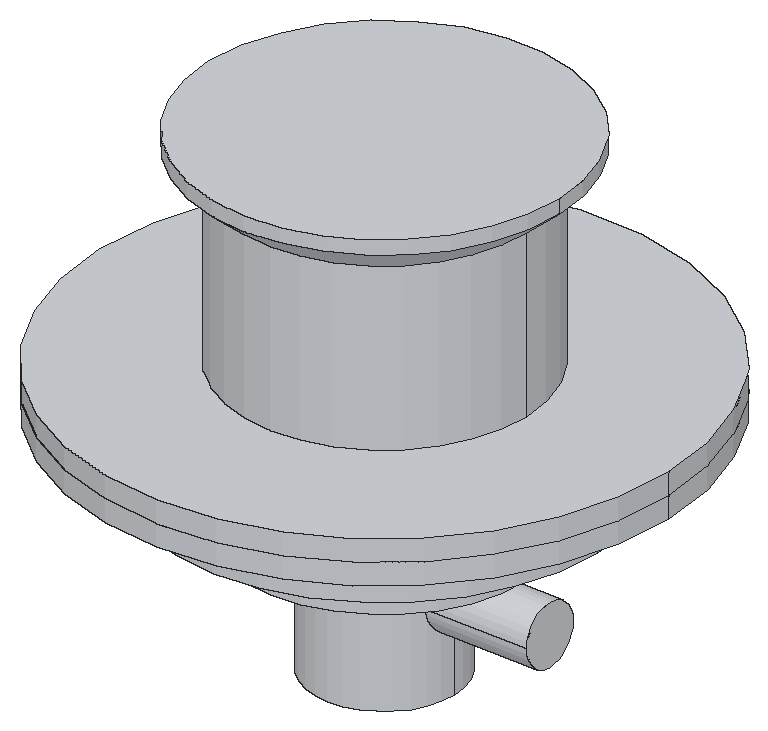
Revit family "Floor Drain - Round", category Plumbing Fixtures, host Face, Revit 2027
Family settings
  Host = Face
  Round Connector Dimension = Use Radius
  Part Type = Normal
  Classification Number = 23.45.55.21
  Enable Cutting in Views = No
  Cut with Voids When Loaded = No
  Maintain Annotation Orientation = No
  Shared = No
  Room Calculation Point = No
Parameters (values of type "5" Strainer - 2" Drain")
  WFU = 2
  Strainer Height = 0' - 3 1/4"
  Strainer Radius = 0' - 2 1/2"
  Strainer Diameter = 2 * Strainer Radius  # 0' - 5"
  Radius 6 = Strainer Radius / 4  # 0' - 0 5/8"
  Radius 5 = Strainer Radius / 4 * 2  # 0' - 1 1/4"
  Radius 4 = Strainer Radius / 4 * 3  # 0' - 1 7/8"
  Radius 2 = (Body Radius - Pipe Radius) / 3 * 2 + Pipe Radius  # 0' - 3.04167"
  Radius 1 = (Body Radius - Pipe Radius) / 3 + Pipe Radius  # 0' - 2.02083"
  Radius 3 = 0.5 * Body Radius  # 0' - 2 1/32"
  Pipe Radius = 1"
  Pipe Diameter = 2 * Pipe Radius  # 2"
  Height 2 = 0.2 * Body Height  # 0' - 0.725"
  Height 1 = 0.5 * Body Height  # 0' - 1 13/16"
  HWFU = 0
  Drain Material = none
  Default Elevation = 0' - 0"
  CWFU = 0
  Body Radius = 0' - 4 1/16"
  Body Height = 0' - 3 5/8"
  Body Diameter = 2 * Body Radius  # 0' - 8 1/8"
Types (15): name | WFU | Strainer Height | Strainer Radius | Strainer Diameter | Radius 6 | Radius 5 | Radius 4 | Radius 2 | Radius 1 | Pipe Radius | Pipe Diameter
  5" Strainer - 2" Drain | 2 | 0' - 3 1/4" | 0' - 2 1/2" | 0' - 5" | 0' - 0 5/8" | 0' - 1 1/4" | 0' - 1 7/8" | 0' - 3.04167" | 0' - 2.02083" | 1" | 2"
  5" Strainer - 3" Drain | 3 | 0' - 3 1/4" | 0' - 2 1/2" | 0' - 5" | 0' - 0 5/8" | 0' - 1 1/4" | 0' - 1 7/8" | 0' - 3.20833" | 0' - 2.35417" | 1 1/2" | 3"
  5" Strainer - 4" Drain | 4 | 0' - 3 1/4" | 0' - 2 1/2" | 0' - 5" | 0' - 0 5/8" | 0' - 1 1/4" | 0' - 1 7/8" | 0' - 3 3/8" | 0' - 2 11/16" | 2" | 4"
  6" Strainer - 2" Drain | 2 | 0' - 3 3/8" | 0' - 3" | 0' - 6" | 0' - 0 3/4" | 0' - 1 1/2" | 0' - 2 1/4" | 0' - 3.04167" | 0' - 2.02083" | 1" | 2"
  8" Strainer - 2" Drain | 2 | 0' - 3 1/4" | 0' - 4" | 0' - 8" | 0' - 1" | 0' - 2" | 0' - 3" | 0' - 3.04167" | 0' - 2.02083" | 1" | 2"
  6" Strainer - 3" Drain | 3 | 0' - 3 3/8" | 0' - 3" | 0' - 6" | 0' - 0 3/4" | 0' - 1 1/2" | 0' - 2 1/4" | 0' - 3.20833" | 0' - 2.35417" | 1 1/2" | 3"
  8" Strainer - 3" Drain | 3 | 0' - 3 1/4" | 0' - 4" | 0' - 8" | 0' - 1" | 0' - 2" | 0' - 3" | 0' - 3.20833" | 0' - 2.35417" | 1 1/2" | 3"
  6" Strainer - 4" Drain | 4 | 0' - 3 3/8" | 0' - 3" | 0' - 6" | 0' - 0 3/4" | 0' - 1 1/2" | 0' - 2 1/4" | 0' - 3 3/8" | 0' - 2 11/16" | 2" | 4"
  8" Strainer - 4" Drain | 4 | 0' - 3 61/256" | 0' - 4" | 0' - 8" | 0' - 1" | 0' - 2" | 0' - 3" | 0' - 3 3/8" | 0' - 2 11/16" | 2" | 4"
  7" Strainer - 2" Drain | 2 | 0' - 3 1/4" | 0' - 3 1/2" | 0' - 7" | 0' - 0 7/8" | 0' - 1 3/4" | 0' - 2 5/8" | 0' - 3.04167" | 0' - 2.02083" | 1" | 2"
  10" Strainer - 2" Drain | 2 | 0' - 3 1/4" | 0' - 5" | 0' - 10" | 0' - 1 1/4" | 0' - 2 1/2" | 0' - 3 3/4" | 0' - 3.04167" | 0' - 2.02083" | 1" | 2"
  7" Strainer - 3" Drain | 3 | 0' - 3 1/4" | 0' - 3 1/2" | 0' - 7" | 0' - 0 7/8" | 0' - 1 3/4" | 0' - 2 5/8" | 0' - 3.20833" | 0' - 2.35417" | 1 1/2" | 3"
  10" Strainer - 3" Drain | 3 | 0' - 3 1/4" | 0' - 5" | 0' - 10" | 0' - 1 1/4" | 0' - 2 1/2" | 0' - 3 3/4" | 0' - 3.20833" | 0' - 2.35417" | 1 1/2" | 3"
  10" Strainer - 4" Drain | 4 | 0' - 3 1/4" | 0' - 5" | 0' - 10" | 0' - 1 1/4" | 0' - 2 1/2" | 0' - 3 3/4" | 0' - 3 3/8" | 0' - 2 11/16" | 2" | 4"
  7" Strainer - 4" Drain | 4 | 0' - 3 1/4" | 0' - 3 1/2" | 0' - 7" | 0' - 0 7/8" | 0' - 1 3/4" | 0' - 2 5/8" | 0' - 3 3/8" | 0' - 2 11/16" | 2" | 4"
Reference planes (in)
  plane 1 "Center (Front/Back)": y = 0
  plane 2: z = 0
  plane 3 "Center (Left/Right)": x = 0
  plane 4: z = -5.0625
  plane 5: z = -4.3375
  plane 6: z = -3.55
  plane 7: z = -6.875
  plane 8: z = -2.95
  plane 9: z = -0.6
  plane 10: z = -0.2
  plane 11 "Strainer Top": z = 0
  plane 12: x = -2.5
  plane 13: x = 2.5
  plane 14: y = 2.5
  plane 15: y = -2.5
  plane 16: z = -3.25
  plane 17: x = -2.03125
  plane 18: z = -36
Forms (in)
  Extrusion 1, solid, material <- "Drain Material"
    sketch origin (0, 0, 0) x (-1, 0, 0) y (0, -1, 0)
      loop
        circle (0, 0) r 1
    from -6.875 to -5.0625
  Extrusion 2, solid, material <- "Drain Material"
    sketch origin (0, 0, 0) x (-1, 0, 0) y (0, -1, 0)
      loop
        circle (0, 0) r 2.02083
    from -5.0625 to -4.3375
  Extrusion 3, solid, material <- "Drain Material"
    sketch origin (0, 0, 0) x (-1, 0, 0) y (0, -1, 0)
      loop
        circle (0, 0) r 3.04167
    from -4.3375 to -3.55
  Extrusion 4, solid, material <- "Drain Material"
    sketch origin (0, 0, 0) x (-1, 0, 0) y (0, -1, 0)
      loop
        circle (0, 0) r 4.0625
    from -3.55 to -3.25
  Extrusion 5, solid, material <- "Drain Material"
    sketch origin (0, 0, 0) x (-1, 0, 0) y (0, -1, 0)
      loop
        circle (0, 0) r 4.0625
    from -3.25 to -2.95
  Extrusion 6, solid, material <- "Drain Material"
    sketch origin (0, 0, 0) x (-1, 0, 0) y (0, -1, 0)
      loop
        circle (0, 0) r 2.03125
    from -2.95 to -0.6
  Revolve 7, solid, material <- "Drain Material"
    sketch origin (0, 0, 0) x (1, 0, 0) y (0, 0, 1)
      loop
        line (0, -0.2) -> (-2.5, -0.2) -> (-2.03125, -0.6) -> (0, -0.6) -> (0, -0.2)
      axis (0, -0.2) -> (0, -0.6)
    angle from 0 to 360
  Extrusion 8, solid, material <- "Drain Material"
    sketch origin (0, 0, 0) x (-1, 0, 0) y (0, -1, 0)
      loop
        circle (0, 0) r 2.5
    from -0.2 to 0
  Extrusion 9, solid
    sketch origin (0.7874, 0, 0) x (0, 1, 0) y (0, 0, 1)
      loop
        circle (0, -5.62992) r 0.41339
    from 0 to 1.5748
Cuts and joins
  joined: Extrusion 1, Extrusion 2, Extrusion 3, Extrusion 4
  joined: Extrusion 5, Extrusion 6, Revolve 7, Extrusion 8
Lines and regions (in)
  model lines
    curve 1: circle (0, 0, 0) r 2.5 normal (0, 0, 1)
    curve 2: line (-2.5, 0, 0) -> (2.5, 0, 0)
    curve 3: line (0, 2.5, 0) -> (0, -2.5, 0)
    curve 4: circle (0, 0, 0) r 1.875 normal (0, 0, 1)
    curve 5: circle (0, 0, 0) r 1.25 normal (0, 0, 1)
    curve 6: circle (0, 0, 0) r 0.625 normal (0, 0, 1)
Dimensions and locks (in)
  "Height 2": plane 5 to plane 4
  "Height 1": plane 4 to plane 7
  locked: plane 11 "Strainer Top" to plane 10 at 0.2
  plane 11 "Strainer Top" to plane 2 = 0' - 0"
  locked: plane 10 to plane 9 at 0.4
  equal spacing: plane 14, plane 1 "Center (Front/Back)", plane 15
  "Strainer Radius": plane 14 to plane 1 "Center (Front/Back)"
  equal spacing: plane 12, plane 3 "Center (Left/Right)", plane 13
  "Strainer Radius": plane 3 "Center (Left/Right)" to plane 13
  "Strainer Height": plane 11 "Strainer Top" to plane 16
  locked: plane 8 to plane 16 at 0.3
  locked: plane 16 to plane 6 at 0.3
  "Body Height": plane 16 to plane 7
  "Radius 3": plane 3 "Center (Left/Right)" to plane 17
  locked: plane 2 to plane 18 at 36
  "Radius 4": radius of curve 4
  "Radius 5": radius of curve 5
  "Radius 6": radius of curve 6
  "Pipe Radius": radius of Extrusion 1 sketch curve
  "Radius 1": radius of Extrusion 2 sketch curve
  "Radius 2": radius of Extrusion 3 sketch curve
  "Body Radius": radius of Extrusion 4 sketch curve
  "Body Radius": radius of Extrusion 5 sketch curve
  "Radius 3": radius of Extrusion 6 sketch curve
  "Strainer Radius": radius of Extrusion 8 sketch curve
  aligned and locked: plane 2 to host face
  aligned and locked: level to host face
  aligned and locked: plane 3 "Center (Left/Right)" to curve 1
  aligned and locked: plane 1 "Center (Front/Back)" to curve 2
  aligned and locked: curve 3 to plane 3 "Center (Left/Right)"
  aligned and locked: plane 3 "Center (Left/Right)" to curve 4
  aligned and locked: plane 1 "Center (Front/Back)" to curve 4
  aligned and locked: plane 3 "Center (Left/Right)" to curve 5
  aligned and locked: plane 1 "Center (Front/Back)" to curve 5
  aligned and locked: plane 3 "Center (Left/Right)" to curve 6
  aligned and locked: plane 1 "Center (Front/Back)" to curve 6
  aligned and locked: plane 12 to curve 2
  aligned and locked: plane 15 to curve 3
  aligned and locked: plane 1 "Center (Front/Back)" to Extrusion 1 sketch curve
  aligned and locked: plane 3 "Center (Left/Right)" to Extrusion 1 sketch curve
  aligned and locked: Extrusion 1 to plane 7
  aligned and locked: plane 4 to Extrusion 1
  aligned and locked: plane 1 "Center (Front/Back)" to Extrusion 2 sketch curve
  aligned and locked: plane 3 "Center (Left/Right)" to Extrusion 2 sketch curve
  aligned and locked: Extrusion 2 to plane 4
  aligned and locked: plane 5 to Extrusion 2
  aligned and locked: plane 1 "Center (Front/Back)" to Extrusion 3 sketch curve
  aligned and locked: plane 3 "Center (Left/Right)" to Extrusion 3 sketch curve
  aligned and locked: Extrusion 3 to plane 5
  aligned and locked: plane 6 to Extrusion 3
  aligned and locked: plane 1 "Center (Front/Back)" to Extrusion 4 sketch curve
  aligned and locked: plane 3 "Center (Left/Right)" to Extrusion 4 sketch curve
  aligned and locked: Extrusion 4 to plane 6
  aligned and locked: plane 16 to Extrusion 4
  aligned and locked: plane 1 "Center (Front/Back)" to Extrusion 5 sketch curve
  aligned and locked: plane 3 "Center (Left/Right)" to Extrusion 5 sketch curve
  aligned and locked: Extrusion 5 to plane 16
  aligned and locked: plane 8 to Extrusion 5
  aligned and locked: plane 1 "Center (Front/Back)" to Extrusion 6 sketch curve
  aligned and locked: plane 3 "Center (Left/Right)" to Extrusion 6 sketch curve
  aligned and locked: Extrusion 6 to plane 8
  aligned and locked: plane 9 to Extrusion 6
  aligned and locked: Revolve 7 sketch curve to plane 3 "Center (Left/Right)"  (x2)
  aligned and locked: plane 9 to Revolve 7 sketch curve
  aligned and locked: Revolve 7 sketch curve to plane 9
  aligned and locked: Revolve 7 sketch curve to plane 10
  aligned and locked: plane 17 to Revolve 7 sketch curve
  aligned and locked: plane 12 to Revolve 7 sketch curve
  aligned and locked: plane 10 to Revolve 7 sketch curve
  aligned and locked: plane 1 "Center (Front/Back)" to Extrusion 8 sketch curve
  aligned and locked: plane 3 "Center (Left/Right)" to Extrusion 8 sketch curve
  aligned and locked: Extrusion 8 to plane 10
  aligned and locked: plane 11 "Strainer Top" to Extrusion 8
Automatic sketch dimensions
  host sketch curve to host sketch curve = 8' - 0"  (x2)
  level to Revolve 7 sketch curve = 0' - 1 1/4"
  Revolve 7 sketch curve to Revolve 7 sketch curve = 0' - 0 1/2"
  Extrusion 9 sketch curve to Extrusion 9 sketch curve = 0' - 0"  (x2)
  Extrusion 9 sketch curve to plane 1 "Center (Front/Back)" = 0' - 0"
  Extrusion 9 sketch curve to plane 4 = 0' - 0.56742"
  plane 1 "Center (Front/Back)" to Extrusion 9 sketch curve = 0' - 0.41339"
Connectors (in)
  piping at (0, 0, -6.875), diameter 2, driven by "WFU", driven by "Pipe Radius"
    settings: on cut or joined group of Extrusion 1, Extrusion 2, Extrusion 3, Extrusion 4, index 1, connector inside diameter 2", connector length 0' - 0", flow factor 0, pipe flow 0 GPM, pressure drop 0.00 psi, fitting loss kfactor 0, connector angle 0.00°, fixture units 2, engagement length 0' - 0", angle of deflection 0.00°, flow configuration 3, flow direction 2, fitting loss method 0, system type 16, joint type 0, gender type 0, connector reference index -1, connector utility 0, adjustable connector no, is connector primary yes, connector description "Out"
  piping at (2.3622, 0, -5.62992), diameter 0.5
    settings: on Extrusion 9, index 2, connector inside diameter 24", connector length 0' - 0", flow factor 0, pipe flow 0 GPM, pressure drop 0.00 psi, fitting loss kfactor 0, connector angle 0.00°, fixture units 0, engagement length 0' - 0", angle of deflection 0.00°, flow configuration 0, flow direction 0, fitting loss method 0, system type 20, joint type 0, gender type 0, connector reference index -1, connector utility 0, adjustable connector no, is connector primary no, connector description ""
